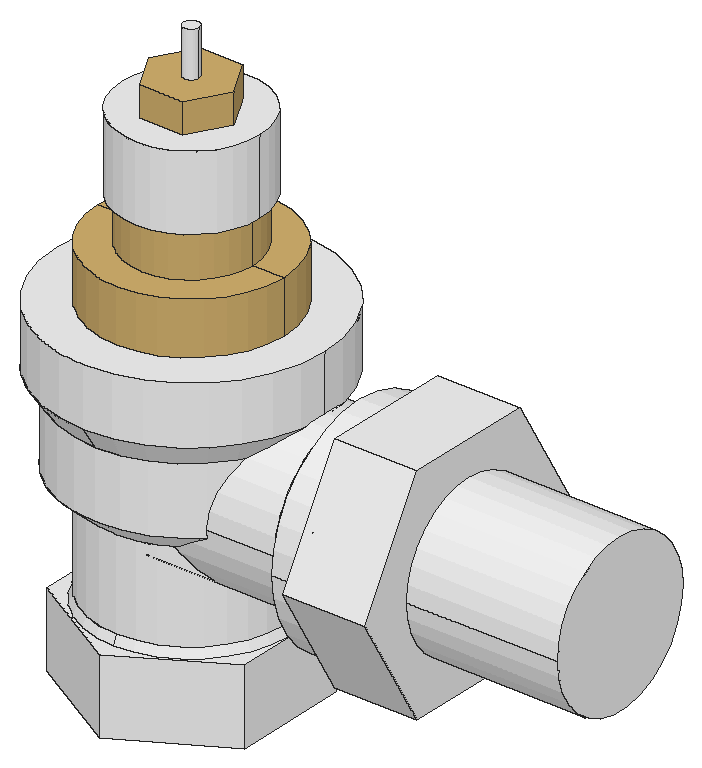
Revit family "RA-G_Angle_DN15-25_RFA_1", category Pipe Accessories, Revit 2019
Family settings
  Round Connector Dimension = Use Diameter
  Part Type = Valve - Breaks Into
  OmniClass Number = 23.65.55.14.17
  OmniClass Title = Adjusting/Controlling Valves for Liquid Services
  Work Plane-Based = No
  Always vertical = Yes
  Cut with Voids When Loaded = No
  Shared = No
Parameters (values of type "RA-G_Angle_DN15_Internal_013G1676")
  Weight = 0.27 kg
  W = R_200_1 * 2  # 34.641 mm
  R_200_1 = 17.321 mm
  R_200 = 15.2 mm
  RV2 = 14 mm
  RV3 = 14.8 mm
  RV4 = 10.5 mm
  RB2 = 12.5 mm
  RB1 = 13 mm
  Pressure Drop [instance] = 0.0 bar
  Model Type = "RA-G_Angle_DN15_Internal"
  Model = "013G1676"
  Max Operating Pressure = "16 bar"  # constant formula
  Max Medium Temperature = "120 ˚C"  # constant formula
  Max Differential Pressure = "0.20 bar"
  La = 57.6 mm
  L_1 = L1 + L2  # 22.7 mm
  LOD 350 = not(LOD 200)  # yes
  LOD 200 = no
  L5 = 1 mm
  L4 = 37.2 mm
  L2 = 2.3 mm
  L1 = 20.4 mm
  L3 = 11 mm
  L = La + DB4 / 2  # 75.6 mm
  Kvs = 4.3 m³/h
  IfcExportType = "RA-G"  # constant formula
  IfcExportAs = "IfcValveType"  # constant formula
  Ha = 51.8 mm
  HHT = 54.5 mm
  H1 = 50 mm
  HH3 = 3 mm
  HH2 = 12 mm
  HH1 = 10 mm
  HH4 = 1 mm
  H4 = 7.8 mm
  H3 = 3 mm
  H2 = 8 mm
  Valve Body Material = Danfoss Brass (Nickel plated)
  URL = "https://store.danfoss.com/en/Climate-Solutions-for-heating/Radiator-Thermostats/Radiator-Valves/Build-on-valves/Fixed-capacity-valves/c/13867?q=%3Arelevance%3Adanfoss_producttypehierarchydesc%3ARA-G&text="
  RV1 = 11.5 mm
  Manufacturer = "Danfoss"  # constant formula
  RB3 = 16 mm
  HH = 27.2 mm
  H = HH + Ha  # 79 mm
  Flow [instance] = 0.0 m³/h
  Description = "Thermostatic Radiator Valve"  # constant formula
  DB4 = 36 mm
  L_Thread2 = 15 mm
  L_Thread1 = 13.3 mm
  D = 15 mm
  Connection = "Internal Thread"  # constant formula
Types (3, lengths in mm): name | Weight | W | R_200_1 | R_200 | RV2 | RV3 | RV4 | RB2 | RB1 | Model Type | Model | Max Differential Pressure | La | L_1 | L4 | L2 | L1 | L3 | L | Kvs | Ha | HHT | H1 | HH3 | HH2 | HH1 | HH4 | H4 | H3 | H2 | RV1 | RB3 | HH | H | L_Thread2 | L_Thread1 | D
  RA-G_Angle_DN15_Internal_013G1676 | 0.27 kg | 34.641 | 17.321 | 15.2 | 14 | 14.8 | 10.5 | 12.5 | 13 | "RA-G_Angle_DN15_Internal" | "013G1676" | "0.20 bar" | 57.6 | 22.7 | 37.2 | 2.3 | 20.4 | 11 | 75.6 | 4.3 m³/h | 51.8 | 54.5 | 50 | 3 | 12 | 10 | 1 | 7.8 | 3 | 8 | 11.5 | 16 | 27.2 | 79 | 15 | 13.3 | 15
  RA-G_Angle_DN20_Internal_013G1678 | 0.37 kg | 42.4 | 21.2 | 18.2 | 15.5 | 18.1 | 13 | 14 | 15.5 | "RA-G_Angle_DN20_Internal" | "013G1678" | "0.20 bar" | 66.4 | 26 | 44 | 2.5 | 23.5 | 14 | 84.4 | 5.01 m³/h | 54 | 56.8 | 54 | 3.3 | 9 | 12 | 1 | 9 | 2 | 10 | 14 | 16.5 | 30.3 | 84.3 | 18.3 | 15.8 | 20
  RA-G_Angle_DN25_Internal_013G1680 | 0.59 kg | 53 | 26.5 | 23.5 | 20.3 | 20.3 | 17 | 18 | 20 | "RA-G_Angle_DN25_Internal" | "013G1680" | "0.16 bar" | 78 | 32.5 | 51.5 | 4 | 28.5 | 19 | 96 | 5.5 m³/h | 57.5 | 60.3 | 54 | 1 | 1 | 15 | 14 | 1.5 | 1 | 22 | 17.5 | 18 | 34 | 91.5 | 22.9 | 20.3 | 25
Reference planes
  plane 1 "Center (Front/Back)": y = 0
  plane 2 "XYPLANE": z = 0
  plane 3 "Center (Left/Right)": x = 0
  plane 4 "55": z = 31.8
  plane 5 "54": z = 8
  plane 6 "52": z = -27.2
  plane 7 "51": x = 0
  plane 8 "50": y = 0
  plane 9 "49": z = 0
  plane 10 "48": x = 26.2
  plane 11: z = 11
  plane 12: z = 18.8
  plane 13: z = -1
  plane 14: z = -4
  plane 15: z = -17.2
  plane 16: x = 57.6
  plane 17: x = 37.2
  plane 18: x = 22.7
  plane 19: x = 20.4
  plane 20: z = 51.8
  plane 21: z = -16
  plane 22: y = -17.321
  plane 23: y = 17.321
  plane 24: z = 41.8
  plane 25: z = 45.8
  plane 26: x = -18
Forms (mm)
  Extrusion 1, solid, material "Danfoss Brass (Nickel plated)" <- "Valve Body Material", visible <- "LOD 350", detail levels fine
    sketch origin (0, 0, 0) x (1, 0, 0) y (0, 1, 0)
      loop
        circle (0, 0) r 18
    from 11 to 18.8
  Extrusion 2, solid, material "Danfoss Brass (Nickel plated)" <- "Valve Body Material", visible <- "LOD 350", detail levels fine
    sketch origin (-750, 0, -27.2) x (1, 0, 0) y (0, 1, 0)
      loop
        line (750, -15.358) -> (763.3, -7.679) -> (763.3, 7.679) -> (750, 15.358) -> (736.7, 7.679) -> (736.7, -7.679) -> (750, -15.358)
    from 0 to 10
  Extrusion 3, solid, material "Danfoss Brass (Nickel plated)" <- "Valve Body Material", visible <- "LOD 350", detail levels fine
    sketch origin (0, 0, 0) x (1, 0, 0) y (0, 1, 0)
      loop
        circle (0, 0) r 16
    from 8 to -1
  Extrusion 4, solid, material "Danfoss Brass (Nickel plated)" <- "Valve Body Material", visible <- "LOD 350", detail levels fine
    sketch origin (16.7, -750, 0) x (0, 1, 0) y (0, 0, 1)
      loop
        circle (750, 0) r 11.5
    from 3.7 to -16.7
  Extrusion 5, solid, material "Danfoss Brass (Nickel plated)" <- "Valve Body Material", visible <- "LOD 350", detail levels fine
    sketch origin (26.2, -750, 0) x (0, 1, 0) y (0, 0, 1)
      loop
        line (732.679, 0) -> (741.34, -15) -> (758.66, -15) -> (767.321, 0) -> (758.66, 15) -> (741.34, 15) -> (732.679, 0)
    from 11 to 0
  Extrusion 6, solid, material "Danfoss Brass (Nickel plated)" <- "Valve Body Material", visible <- "LOD 350", detail levels fine
    sketch origin (26.2, -750, 0) x (0, 1, 0) y (0, 0, 1)
      loop
        circle (750, 0) r 14.8
    from 1 <- "L5" to -3.5
  Revolve 7, solid, material "Danfoss Brass", visible <- "LOD 350", detail levels fine
    sketch origin (0, 0, 0) x (1, 0, 0) y (0, 0, 1)
      loop
        line (0, 31.8) -> (0, 18.8) -> (12.5, 18.8) -> (12.5, 25.8) -> (8.3, 25.8) -> (8.3, 31.8) -> (0, 31.8)
      axis (0, 31.8) -> (0, 18.8)
    angle from 0 to 360
  Extrusion 8, solid, material "Danfoss Brass (Nickel plated)" <- "Valve Body Material", visible <- "LOD 350", detail levels fine
    sketch origin (0, 0, 0) x (1, 0, 0) y (0, 1, 0)
      loop
        circle (0, 0) r 12.5
    from -16 to -4
  Blend 9, solid, material "Danfoss Brass (Nickel plated)" <- "Valve Body Material", visible <- "LOD 350", detail levels fine
    base sketch origin (0, 0, 0) x (1, 0, 0) y (0, 1, 0)
      loop
        circle (0, 0) r 12.5
    top sketch origin (0, 0, 0) x (1, 0, 0) y (0, 1, 0)
      loop
        circle (0, 0) r 16
    from -4 to -1
  Blend 10, solid, material "Danfoss Brass (Nickel plated)" <- "Valve Body Material", visible <- "LOD 350", detail levels fine
    base sketch origin (0, 0, 0) x (0, -1, 0) y (1, 0, 0)
      loop
        circle (0, 0) r 18
    top sketch origin (0, 0, 0) x (0, -1, 0) y (1, 0, 0)
      loop
        circle (0, 0) r 16
    from 11 to 8
  Blend 11, solid, material "Danfoss Brass (Nickel plated)" <- "Valve Body Material", visible <- "LOD 350", detail levels fine
    base sketch origin (0, 0, 0) x (0, 1, 0) y (0, 0, 1)
      loop
        circle (0, 0) r 11.5
    top sketch origin (0, 0, 0) x (0, 1, 0) y (0, 0, 1)
      loop
        circle (0, 0) r 14
    from 20.4 to 22.7
  Extrusion 12, solid, material "Danfoss Brass (Nickel plated)" <- "Valve Body Material", detail levels fine
    sketch origin (26.2, -750, 0) x (0, 1, 0) y (0, 0, 1)
      loop
        circle (750, 0) r 10.5
    from 11 to 31.4
  Revolve 13, solid, material "Danfoss Brass", visible <- "LOD 200", detail levels fine
    sketch origin (0, 0, 0) x (1, 0, 0) y (0, 0, 1)
      loop
        line (0, 31.8) -> (0, 18.8) -> (12.5, 18.8) -> (12.5, 31.8) -> (0, 31.8)
      axis (0, 18.8) -> (0, 31.8)
    angle from 0 to 360
  Extrusion 14, solid, material "Danfoss Brass (Nickel plated)" <- "Valve Body Material", visible <- "LOD 200", detail levels fine
    sketch origin (0, 0, 0) x (0, 1, 0) y (0, 0, 1)
      loop
        circle (0, 0) r 11.5
    from 0 to 26.2
  Blend 15, solid, material "Danfoss Brass (Nickel plated)" <- "Valve Body Material", visible <- "LOD 350", detail levels fine
    base sketch origin (0, 0, -8.6) x (0, -1, 0) y (1, 0, 0)
      loop
        circle (0, 0) r 12.5
    top sketch origin (0, 0, -8.6) x (0, -1, 0) y (1, 0, 0)
      loop
        circle (0, 0) r 13
    from -7.4 to -8.6
  Revolve 16, solid, material "Danfoss Brass (Nickel plated)" <- "Valve Body Material", visible <- "LOD 200", detail levels fine
    sketch origin (0, 0, 0) x (1, 0, 0) y (0, 0, 1)
      loop
        line (0, -4) -> (0, -27.2) -> (15.2, -27.2) -> (15.2, -17.2) -> (12.5, -17.2) -> (12.5, -4) -> (0, -4)
      axis (0, -4) -> (0, -27.2)
    angle from 0 to 360
  Extrusion 17, solid, material "Danfoss Brass (Nickel plated)" <- "Valve Body Material", visible <- "LOD 200", detail levels fine
    sketch origin (26.2, -750, 0) x (0, 1, 0) y (0, 0, 1)
      loop
        circle (750, 0) r 17.321
    from 0 to 11
  Extrusion 18, solid, material "Danfoss Brass (Nickel plated)" <- "Valve Body Material", visible <- "LOD 200", detail levels fine
    sketch origin (52.4, 0, 0) x (-1, 0, 0) y (0, -1, 0)
      loop
        circle (52.4, 0) r 18
    from -4 to 18.8
  Extrusion 19, solid, material "Danfoss Brass (Nickel plated)" <- "Valve Body Material", detail levels fine
    sketch origin (0, 0, 0) x (1, 0, 0) y (0, 1, 0)
      loop
        circle (0, 0) r 9.266
    from 31.8 to 41.8
  Extrusion 20, solid, material "Danfoss Brass", visible <- "LOD 350", detail levels fine
    sketch origin (0, 0, 0) x (1, 0, 0) y (0, 1, 0)
      loop
        line (-2.887, 5) -> (-5.774, 0) -> (-2.887, -5) -> (2.887, -5) -> (5.774, 0) -> (2.887, 5) -> (-2.887, 5)
    from 41.8 to 45.8
  Extrusion 21, solid, material "Danfoss Brass (Nickel plated)" <- "Valve Body Material", detail levels fine
    sketch origin (0, 0, 0) x (1, 0, 0) y (0, 1, 0)
      loop
        circle (0, 0) r 1.022
    from 45.8 to 51.8
  Extrusion 22, solid, material "Danfoss Brass", visible <- "LOD 200", detail levels fine
    sketch origin (0, 0, 0) x (1, 0, 0) y (0, 1, 0)
      loop
        circle (0, 0) r 5.8
    from 41.8 to 45.8
Lines and regions (mm)
  reference lines, not visible
    curve 1: circle (2, 2, 0) r 1 normal (0, 0, 1)
  reference lines
    curve 2: line (0, 0, -27.2) -> (4.33, 2.5, -27.2)
    curve 3: line (0, 0, -27.2) -> (0, 5, -27.2)
    curve 4: line (0, 0, -27.2) -> (-4.33, 2.5, -27.2)
    curve 5: line (26.2, 0, 0) -> (26.2, 2.625, -4.547)
    curve 6: line (26.2, 0, 0) -> (26.2, 5.25, 0)
    curve 7: line (26.2, 0, 0) -> (26.2, 2.625, 4.547)
Dimensions and locks
  plane 1 "Center (Front/Back)" to curve 1 = 2 mm
  "H2": plane 2 "XYPLANE" to plane 5 "54"
  locked: plane 3 "Center (Left/Right)" to plane 7 "51"
  locked: plane 1 "Center (Front/Back)" to plane 8 "50"
  locked: plane 2 "XYPLANE" to plane 9 "49"
  "L_Thread1": curve 2 to Extrusion 2 sketch curve  (x2)
  "L_Thread1": curve 3 to Extrusion 2 sketch curve  (x2)
  "L_Thread1": curve 4 to Extrusion 2 sketch curve  (x2)
  "L_Thread2": curve 5 to Extrusion 5 sketch curve  (x2)
  "L_Thread2": curve 6 to Extrusion 5 sketch curve  (x2)
  "L_Thread2": curve 7 to Extrusion 5 sketch curve  (x2)
  "H3": plane 11 to plane 5 "54"
  "H4": plane 12 to plane 11
  Revolve 7 sketch curve to Revolve 7 sketch curve = 8.3 mm
  equal spacing: plane 4 "55", Revolve 7 sketch curve, plane 12
  "HH4": level to plane 13
  "HH3": plane 13 to plane 14
  "HH1": plane 15 to plane 6 "52"
  "La": plane 16 to plane 3 "Center (Left/Right)"
  "L3": plane 10 "48" to plane 17
  "L2": plane 19 to plane 18
  "L1": plane 3 "Center (Left/Right)" to plane 19
  plane 10 "48" to plane 3 "Center (Left/Right)" = 26.2 mm
  locked: plane 4 "55" to plane 12 at 13
  "Ha": plane 20 to level
  "HH2": plane 14 to plane 21
  "L4": plane 7 "51" to plane 17
  Revolve 7 sketch curve to Revolve 7 sketch curve = 12.5 mm
  Revolve 13 sketch curve to Revolve 13 sketch curve = 12.5 mm
  "W": plane 22 to plane 23
  equal spacing: plane 22, plane 8 "50", plane 23
  "RB2": Revolve 16 sketch curve to Revolve 16 sketch curve
  "R_200": Revolve 16 sketch curve to Revolve 16 sketch curve
  locked: plane 24 to plane 4 "55" at 10
  locked: plane 25 to plane 24 at 4
  plane 20 to plane 25 = 6 mm
  "L": plane 16 to plane 26
  "H": plane 20 to plane 6 "52"
  "DB4": diameter of Extrusion 1 sketch curve
  "RB3": radius of Extrusion 3 sketch curve
  "RV1": radius of Extrusion 4 sketch curve
  "RB2": radius of Extrusion 8 sketch curve
  "RB2": radius of Blend 9 sketch curve
  "RB3": radius of Blend 9 sketch curve
  "RB3": radius of Blend 10 sketch curve
  "RV3": radius of Extrusion 6 sketch curve
  "RV1": radius of Blend 11 sketch curve
  "RV2": radius of Blend 11 sketch curve
  "RV4": radius of Extrusion 12 sketch curve
  "DB4": diameter of Blend 10 sketch curve
  "RV1": radius of Extrusion 14 sketch curve
  "RB2": radius of Blend 15 sketch curve
  "RB1": radius of Blend 15 sketch curve
  "R_200_1": radius of Extrusion 17 sketch curve
  "DB4": diameter of Extrusion 18 sketch curve
  locked: curve 3 to curve 2 (angle 60.00°)
  locked: curve 4 to curve 3 (angle 60.00°)
  locked: curve 4 to curve 2 (angle 120.00°)
  locked: curve 6 to curve 5 (angle 60.00°)
  locked: curve 7 to curve 6 (angle 60.00°)
  locked: curve 7 to curve 5 (angle 120.00°)
  aligned and locked: level to plane 2 "XYPLANE"
  aligned and locked: plane 7 "51" to Extrusion 1 sketch curve
  aligned and locked: plane 8 "50" to Extrusion 1 sketch curve
  aligned and locked: plane 7 "51" to curve 4
  aligned and locked: plane 8 "50" to curve 4
  aligned and locked: plane 7 "51" to Extrusion 3 sketch curve
  aligned and locked: plane 8 "50" to Extrusion 3 sketch curve
  aligned and locked: Extrusion 4 sketch curve to plane 8 "50"
  aligned and locked: plane 9 "49" to Extrusion 4 sketch curve
  aligned and locked: curve 7 to plane 8 "50"
  aligned and locked: plane 9 "49" to curve 7
  aligned and locked: plane 9 "49" to Extrusion 6 sketch curve
  aligned and locked: Extrusion 1 to plane 11
  aligned and locked: plane 12 to Extrusion 1
  aligned and locked: Revolve 7 sketch curve to plane 7 "51"  (x2)
  aligned and locked: Revolve 7 sketch curve to plane 12
  aligned and locked: Revolve 7 sketch curve to plane 4 "55"
  aligned and locked: plane 5 "54" to Extrusion 3
  aligned and locked: plane 15 to Extrusion 2
  aligned and locked: Extrusion 3 to plane 13
  aligned and locked: plane 3 "Center (Left/Right)" to Extrusion 8 sketch curve
  aligned and locked: plane 1 "Center (Front/Back)" to Extrusion 8 sketch curve
  aligned and locked: plane 14 to Extrusion 8
  aligned and locked: plane 3 "Center (Left/Right)" to Blend 9 sketch curve  (x2)
  aligned and locked: plane 1 "Center (Front/Back)" to Blend 9 sketch curve  (x2)
  aligned and locked: Blend 9 to plane 14
  aligned and locked: plane 13 to Blend 9
  aligned and locked: plane 11 to Blend 10
  aligned and locked: Blend 10 to plane 5 "54"
  aligned and locked: Extrusion 4 to plane 19
  aligned and locked: Extrusion 6 to plane 18
  aligned and locked: plane 1 "Center (Front/Back)" to Extrusion 6 sketch curve
  aligned and locked: level to Extrusion 6 sketch curve
  aligned and locked: Extrusion 5 to plane 10 "48"
  aligned and locked: plane 17 to Extrusion 5
  aligned and locked: Extrusion 4 to plane 3 "Center (Left/Right)"
  aligned and locked: plane 1 "Center (Front/Back)" to Blend 11 sketch curve  (x2)
  aligned and locked: level to Blend 11 sketch curve  (x2)
  aligned and locked: Blend 11 to plane 19
  aligned and locked: Blend 11 to plane 18
  aligned and locked: plane 1 "Center (Front/Back)" to Extrusion 12 sketch curve
  aligned and locked: level to Extrusion 12 sketch curve
  aligned and locked: Extrusion 12 to plane 17
  aligned and locked: plane 16 to Extrusion 12
  aligned and locked: plane 7 "51" to Blend 10 sketch curve
  aligned and locked: plane 8 "50" to Blend 10 sketch curve
  aligned and locked: Revolve 13 sketch curve to plane 12
  aligned and locked: level to Extrusion 14 sketch curve
  aligned and locked: plane 1 "Center (Front/Back)" to Extrusion 14 sketch curve
  aligned and locked: Extrusion 14 to plane 10 "48"
  aligned and locked: plane 1 "Center (Front/Back)" to nested 1
  aligned and locked: plane 21 to Blend 15
  aligned and locked: Blend 15 to Extrusion 2
  aligned and locked: level to Revolve 7 sketch curve
  aligned and locked: Revolve 13 sketch curve to plane 3 "Center (Left/Right)"
  aligned and locked: Revolve 13 sketch curve to curve 1
  aligned and locked: Revolve 13 sketch curve to plane 7 "51"
  aligned and locked: plane 3 "Center (Left/Right)" to nested 1
  aligned and locked: plane 4 "55" to Revolve 13
  aligned and locked: Extrusion 8 to plane 21
  aligned and locked: Revolve 16 sketch curve to plane 3 "Center (Left/Right)"
  aligned and locked: Revolve 16 sketch curve to plane 6 "52"
  aligned and locked: Revolve 16 sketch curve to plane 14
  aligned and locked: plane 15 to Revolve 16 sketch curve
  aligned and locked: plane 6 "52" to Revolve 16 sketch curve
  aligned and locked: Revolve 16 sketch curve to plane 15
  aligned and locked: plane 2 "XYPLANE" to Revolve 16 sketch curve
  aligned and locked: Revolve 16 sketch curve to plane 7 "51"
  aligned and locked: plane 1 "Center (Front/Back)" to Extrusion 17 sketch curve
  aligned and locked: level to Extrusion 17 sketch curve
  aligned and locked: Extrusion 17 to plane 10 "48"
  aligned and locked: plane 17 to Extrusion 17
  aligned and locked: Extrusion 18 to plane 14
  aligned and locked: plane 12 to Extrusion 18
  aligned and locked: plane 7 "51" to Extrusion 18 sketch curve
  aligned and locked: plane 1 "Center (Front/Back)" to Extrusion 18 sketch curve
  aligned and locked: Extrusion 19 to plane 4 "55"
  aligned and locked: plane 24 to Extrusion 19
  aligned and locked: Extrusion 20 to plane 24
  aligned and locked: plane 25 to Extrusion 20
  aligned and locked: Extrusion 21 to plane 25
  aligned and locked: plane 20 to Extrusion 21
  aligned and locked: Extrusion 22 to plane 24
  aligned and locked: plane 25 to Extrusion 22
Automatic sketch dimensions
  plane 3 "Center (Left/Right)" to curve 1 = 2 mm
  Revolve 7 sketch curve to plane 4 "55" = 6 mm
  plane 4 "55" to Revolve 7 sketch curve = 2.268 mm
  Revolve 13 sketch curve to plane 4 "55" = 0 mm
  Revolve 13 sketch curve to plane 20 = 8.7 mm
  plane 1 "Center (Front/Back)" to Extrusion 19 sketch curve = 0 mm
  Extrusion 19 sketch curve to plane 3 "Center (Left/Right)" = 0 mm
  plane 1 "Center (Front/Back)" to Extrusion 21 sketch curve = 0 mm
  Extrusion 21 sketch curve to plane 3 "Center (Left/Right)" = 0 mm
  plane 1 "Center (Front/Back)" to Extrusion 22 sketch curve = 0 mm
  Extrusion 22 sketch curve to plane 3 "Center (Left/Right)" = 0 mm
  plane 1 "Center (Front/Back)" to Blend 10 sketch curve = 0 mm
  Blend 10 sketch curve to plane 3 "Center (Left/Right)" = 0 mm
  plane 1 "Center (Front/Back)" to Blend 15 sketch curve = 0 mm  (x2)
  Blend 15 sketch curve to plane 3 "Center (Left/Right)" = 0 mm  (x2)
  Revolve 16 sketch curve to plane 6 "52" = 2.8 mm
  radius of curve 1 = 1 mm
  radius of Extrusion 19 sketch curve = 9.266 mm
  radius of Extrusion 21 sketch curve = 1.022 mm
  radius of Extrusion 22 sketch curve = 5.8 mm
Nested families
  nested 1: "Schematic_TRV_Angle" at (0, 0, 0), type "Schematic_TRV_Angle", detail levels coarse+medium
Connectors
  piping at (26.2, 0, 0), diameter 15, driven by "D", driven by "Flow"
    settings: on Extrusion 5, index 4, connector inside diameter 609.6 mm, connector length 0 mm, flow factor 0, pipe flow 0.0 m³/h, pressure drop 0.0 bar, fitting loss kfactor 0, connector angle 0.00°, fixture units 0, engagement length 0 mm, angle of deflection 0.00°, flow configuration 0, flow direction 2, fitting loss method 0, system type 29, joint type 0, gender type 0, connector reference index 5, connector utility 0, adjustable connector no, is connector primary no, connector description ""
  piping at (0, 0, -27.2), diameter 15, driven by "Flow", driven by "D"
    settings: on Extrusion 2, index 5, connector inside diameter 609.6 mm, connector length 0 mm, flow factor 0, pipe flow 0.0 m³/h, pressure drop 0.0 bar, fitting loss kfactor 0, connector angle 0.00°, fixture units 0, engagement length 0 mm, angle of deflection 0.00°, flow configuration 0, flow direction 1, fitting loss method 0, system type 29, joint type 0, gender type 0, connector reference index 4, connector utility 0, adjustable connector no, is connector primary yes, connector description ""
Definition of nested family "Schematic_TRV_Angle"
  Parameters (values of type "Schematic_TRV_Angle")
    L1 = 39.1 mm
    L2 = 4 / 5 * D  # 20.8 mm
    HT = 33 mm
    D = 26 mm
  Reference planes
    plane 1 "Center (Front/Back)": y = 0
    plane 2: z = 0
    plane 3 "Center (Left/Right)": x = 0
    plane 4: x = 26
    plane 5: y = 8
    plane 6: y = 13
    plane 7: y = -13
    plane 8: x = 13
    plane 9: x = -13
    plane 10: z = -26
    plane 11: z = 13
    plane 12: z = -13
    plane 13: z = 33
    plane 14: x = -10.4
    plane 15: x = 10.4
    plane 16: y = 13
    plane 17: y = -13
    plane 18: x = 39.1
  Lines and regions (mm)
    model lines
      curve 1: line (0, 0, 0) -> (-13, 0, -26)
      curve 2: line (-13, 0, -26) -> (13, 0, -26)
      curve 3: line (13, 0, -26) -> (0, 0, 0)
      curve 4: line (26, 0, 13) -> (26, 0, -13)
      curve 5: line (26, 0, -13) -> (0, 0, 0)
      curve 6: line (0, 0, 0) -> (0, 0, 33)
      curve 7: line (-10.4, 0, 33) -> (10.4, 0, 33)
      curve 11: line (0, 0, 0) -> (26, 0, 13)
      curve 15: line (26, 0, 0) -> (39.1, 0, 0)
    symbolic lines
      curve 8: line (26, -13, 0) -> (0, 0, 0)
      curve 9: line (0, 0, 0) -> (26, 13, 0)
      curve 10: line (26, 13, 0) -> (26, -13, 0)
      curve 12: line (0, 0, 0) -> (0, 13, -26)
      curve 13: line (0, 13, -26) -> (0, -13, -26)
      curve 14: line (0, -13, -26) -> (0, 0, 0)
      curve 16: line (26, 0, 0) -> (39.1, 0, 0)
  Dimensions and locks
    equal spacing: plane 9, plane 3 "Center (Left/Right)", plane 8
    equal spacing: plane 7, plane 1 "Center (Front/Back)", plane 6
    equal spacing: plane 11, level, plane 12
    "D": level to plane 10
    "D": plane 11 to plane 12
    "D": plane 8 to plane 9
    equal spacing: plane 8, plane 3 "Center (Left/Right)", plane 9
    "D": plane 7 to plane 6
    "L2": plane 15 to plane 14
    equal spacing: plane 15, plane 3 "Center (Left/Right)", plane 14
    "HT": plane 13 to level
    "D": plane 3 "Center (Left/Right)" to plane 4
    equal spacing: plane 16, plane 1 "Center (Front/Back)", plane 17
    "D": plane 16 to plane 17
    level to plane 10 = 26 mm
    "L1": plane 3 "Center (Left/Right)" to plane 18
    "L1": plane 18 to plane 3 "Center (Left/Right)"
    "D": plane 4 to plane 3 "Center (Left/Right)"
    aligned and locked: level to plane 2
    aligned and locked: plane 11 to curve 4
    aligned and locked: curve 15 to level
    aligned and locked: plane 18 to curve 15
    aligned and locked: plane 4 to curve 15
    aligned and locked: plane 1 "Center (Front/Back)" to curve 16
    aligned and locked: plane 4 to curve 16
    aligned and locked: plane 18 to curve 16
  Automatic sketch dimensions
    curve 12 to level = 0 mm
    curve 12 to plane 1 "Center (Front/Back)" = 0 mm
    curve 14 to plane 7 = 0 mm
    curve 13 to plane 6 = 0 mm
    curve 12 to plane 10 = 0 mm
    curve 1 to plane 9 = 0 mm
    curve 7 to plane 13 = 0 mm
    curve 7 to plane 14 = 0 mm
    curve 11 to level = 0 mm
    curve 11 to plane 3 "Center (Left/Right)" = 0 mm
    curve 7 to plane 15 = 0 mm
    curve 3 to plane 8 = 0 mm
    curve 1 to plane 10 = 0 mm
    curve 5 to plane 12 = 0 mm
    plane 1 "Center (Front/Back)" to curve 8 = 0 mm
    curve 8 to plane 3 "Center (Left/Right)" = 0 mm
    plane 7 to curve 10 = 0 mm
    plane 6 to curve 10 = 0 mm
